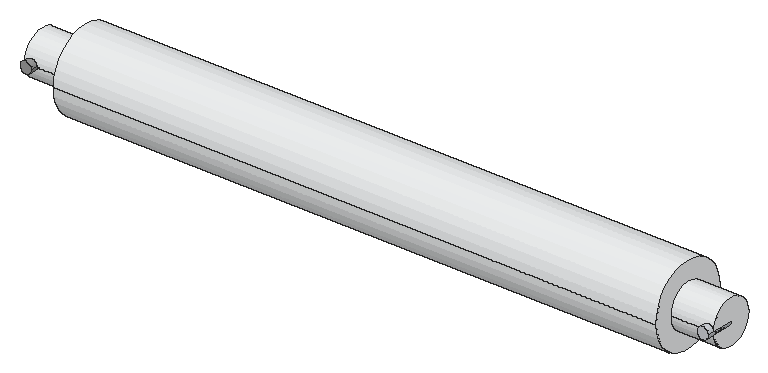
Revit family
Parameters (values of type "K76-139-12")
  Welded Thick = 10 mm
  URL = "http://viewer.zmags.com/publication/f01ae52f"
  Tube Radius = Tube Diameter / 2  # 38.05 mm
  Tube Diameter = 76.1 mm
  Tube = RAL 9016
  Thermal Performance = Thermal Performance Constant * Length / 1000 mm  # 159.6
  Socket Radius = 10 mm
  Socket = RAL 9016
  Side Socket Thick = Tube Radius + Welded Thick  # 48.05 mm
  Offset = 75 mm
  Model = "K76-139-12"
  Max #1 Pole Breakers [instance] = 271
  Manufacturer = "Meinertz"
  Length = 1200 mm
  Keynote = "K76-139-12"
  Height = 150 mm
  GoGetNo = 6962  # constant formula
  Fins = yes
  Fin Radius = Fin Diameter / 2  # 69.5 mm
  Fin Pitch = RAL 9016 F
  Fin Diameter = 139 mm
  Thermal Performance Constant = if(Fin Diameter = 73 mm, 88, if(Fin Diameter = 83 mm, 104, if(Fin Diameter = 92 mm, 88, if(Fin Diameter = 98 mm, 82, if(Fin Diameter = 123 mm, 110, if(Fin Diameter = 139 mm, 133, 180))))))  # 133
Types (9, lengths in mm): name | Welded Thick | Tube Radius | Tube Diameter | Thermal Performance | Side Socket Thick | Model | Keynote | Fin Radius | Fin Diameter | Thermal Performance Constant
  (no name) | 10 | 38.05 | 76.1 | 159.6 | 48.05 | "K76-139-12" | "K76-139-12" | 69.5 | 139 | 133
  K33-73-08 | 10 | 16.85 | 33.7 | 105.6 | 26.85 | "K33-73-08" | "K33-73-08" | 36.5 | 73 | 88
  K33-83-10 | 10 | 16.85 | 33.7 | 124.8 | 26.85 | "K33-83-10" | "K33-83-10" | 41.5 | 83 | 104
  K42-92-10 | 10 | 21.2 | 42.4 | 105.6 | 31.2 | "K42-92-10" | "K42-92-10" | 46 | 92 | 88
  K48-98-10 | 14.3 | 24.15 | 48.3 | 98.4 | 38.45 | "K48-98-10" | "K48-98-10" | 49 | 98 | 82
  K60-110-10 | 10 | 30.15 | 60.3 | 216 | 40.15 | "K60-110-10" | "K60-110-10" | 55 | 110 | 180
  K60-123-12 | 10 | 30.15 | 60.3 | 132 | 40.15 | "K60-123-12" | "K60-123-12" | 61.5 | 123 | 110
  K76-139-12 | 10 | 38.05 | 76.1 | 159.6 | 48.05 | "K76-139-12" | "K76-139-12" | 69.5 | 139 | 133
  K101-164-12 | 10 | 50.8 | 101.6 | 216 | 60.8 | "K101-164-12" | "K101-164-12" | 82 | 164 | 180
Reference planes
  plane 1 "Center (Front/Back)": y = 0
  plane 2: z = 0
  plane 3 "Center (Left/Right)": x = 0
  plane 4: x = -600
  plane 5: x = 600
  plane 6: z = 150
  plane 7: x = -525
  plane 8: x = 525
  plane 9: x = 562.5
  plane 10: y = -48.05
  plane 11: y = 48.05
Forms (mm)
  Extrusion 1, solid, material "RAL 9016" <- "Tube"
    sketch origin (0, 0, 0) x (0, 1, 0) y (0, 0, 1)
      loop
        circle (0, 150) r 38.05
    from -600 to 600
  Extrusion 2, solid, material "RAL 9016 F" <- "Fin Pitch", visible <- "Fins"
    sketch origin (0, 0, 0) x (0, 1, 0) y (0, 0, 1)
      loop
        circle (0, 150) r 69.5
    from -525 to 525
  Extrusion 3, solid, material "Tap"
    sketch origin (0, 0, 0) x (1, 0, 0) y (0, 0, 1)
      loop
        circle (-590, 150) r 10
    from 0 to 48.05
  Extrusion 4, solid
    sketch origin (0, 0, 0) x (1, 0, 0) y (0, 0, 1)
      loop
        circle (590, 150) r 10
    from 0 to 48.05
  Extrusion 5, solid, material "Tap"
    sketch origin (0, 0, 0) x (1, 0, 0) y (0, 0, 1)
      loop
        circle (562.5, 150) r 10
    from -48.05 to 0
Dimensions and locks
  equal spacing: plane 4, plane 3 "Center (Left/Right)", plane 5
  "Length": plane 4 to plane 5
  "Offset": plane 4 to plane 7
  "Offset": plane 8 to plane 5
  "Height": plane 6 to plane 2
  equal spacing: plane 8, plane 9, plane 5
  "Side Socket Thick": plane 1 "Center (Front/Back)" to plane 10
  "Side Socket Thick": plane 11 to plane 1 "Center (Front/Back)"
  locked: plane 5 to Extrusion 4 sketch curve
  equal spacing: Extrusion 5 sketch curve, plane 9, Extrusion 5 sketch curve
  equal spacing: Extrusion 5 sketch curve, plane 6, Extrusion 5 sketch curve
  "Tube Radius": radius of Extrusion 1 sketch curve
  "Fin Radius": radius of Extrusion 2 sketch curve
  aligned and locked: Extrusion 1 to plane 4
  aligned and locked: plane 5 to Extrusion 1
  aligned and locked: plane 8 to Extrusion 2
  aligned and locked: Extrusion 2 to plane 7
  aligned and locked: plane 1 "Center (Front/Back)" to Extrusion 5
  aligned and locked: plane 11 to Extrusion 5
  aligned and locked: Extrusion 4 to plane 1 "Center (Front/Back)"
  aligned and locked: plane 10 to Extrusion 4
  aligned and locked: Extrusion 3 to plane 1 "Center (Front/Back)"
  aligned and locked: plane 10 to Extrusion 3
Automatic sketch dimensions
  Extrusion 1 sketch curve to plane 1 "Center (Front/Back)" = 0 mm
  Extrusion 1 sketch curve to plane 6 = 0 mm
  Extrusion 2 sketch curve to plane 1 "Center (Front/Back)" = 0 mm
  Extrusion 2 sketch curve to plane 6 = 0 mm
  Extrusion 3 sketch curve to plane 6 = 0 mm
  plane 4 to Extrusion 3 sketch curve = 10 mm
  Extrusion 4 sketch curve to plane 6 = 0 mm
  radius of Extrusion 3 sketch curve = 10 mm
  radius of Extrusion 4 sketch curve = 10 mm
  radius of Extrusion 5 sketch curve = 10 mm
Connectors
  piping at (562.5, 48.05, 150)
    settings: on Extrusion 5, index 1, connector radius 10 mm, flow factor 0, pipe flow 0.0 L/s, pressure drop 0.0 Pa, fitting loss kfactor 0, connector angle 0.00°, fixture units 0, flow configuration 1, flow direction 1, fitting loss method 0, system type 22, connector reference index -1, connector utility 0, adjustable connector no, is connector primary yes, fitting loss table "", connector description ""
  piping at (590, -48.05, 150)
    settings: on Extrusion 4, index 2, connector radius 10 mm, flow factor 0, pipe flow 0.0 L/s, pressure drop 0.0 Pa, fitting loss kfactor 0, connector angle 0.00°, fixture units 0, flow configuration 1, flow direction 2, fitting loss method 0, system type 22, connector reference index -1, connector utility 0, adjustable connector no, is connector primary no, fitting loss table "", connector description ""
  piping at (-590, -48.05, 150)
    settings: on Extrusion 3, index 3, connector radius 10 mm, flow factor 0, pipe flow 0.0 L/s, pressure drop 0.0 Pa, fitting loss kfactor 0, connector angle 0.00°, fixture units 0, flow configuration 1, flow direction 2, fitting loss method 0, system type 22, connector reference index -1, connector utility 0, adjustable connector no, is connector primary no, fitting loss table "", connector description ""
